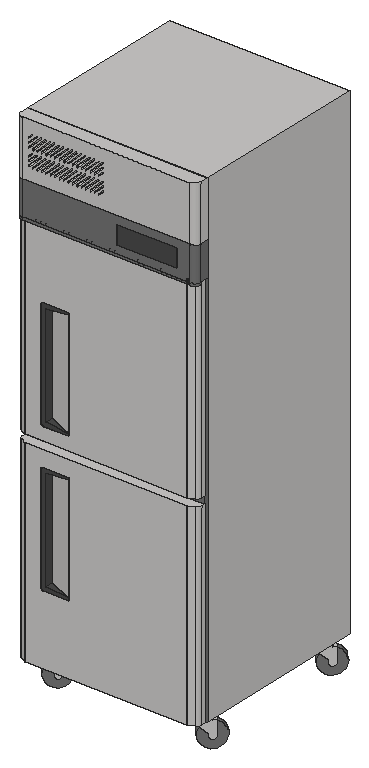
Revit family "QF_Turbo Air_M3R24-2", category Specialty Equipment, Revit 2012
Parameters
  Width = 28 3/4"
  Weight in Pounds = 270
  Watermarked By = "http://revitwatermark.com"
  Volts = 115 V
  URL Cutsheet = ""
  URL = ""
  Status [instance] = ""
  Specification by User [instance] = ""
  Specification by Manufacturer [instance] = ""
  Serial Number [instance] = ""
  Revision Code [instance] = ""
  Phase = 1
  Number of Poles [instance] = 1
  NAFEM Spec ID Number [instance] = ""
  Model = "M3R24-2"
  Masterspec [instance] = ""
  Manufacturer = "Turbo Air"  # constant formula
  Legs [instance] = [6 Inch Legs]  # no
  Item Number [instance] = "-"
  Installed By [instance] = ""
  HP = "1/4"
  Furnished By [instance] = ""
  Foodservice Equipment Identifier = yes
  FL Amps = 5.5 A
  Electrical Remarks [instance] = ""
  Electric Connection Type [instance] = ""
  Elec Conn RI Height [instance] = 0"
  Elec Conn Connection Height = 77 7/8"
  Door Height = 31 3/8"
  Description = "Refrigerator, Reach-In"
  Depth = 30 3/4"
  Cycle = 60 Hz
  Conn Plug = "NEMA 5-15P"
  Casters [instance] = or([4 Inch Casters], [5 Inch Casters])  # yes
  CasterLeg Height [instance] = if([4 Inch Casters], 5", if([5 Inch Casters], 5 3/4", 6"))  # 5"
  Cabinet Height = 78"
  CSI MasterFormat = "11 41 13"
  Assembly Code = "E1090320"
  Apparent Power = if(Phase = 1, Volts * FL Amps * 1.73, Volts * FL Amps)  # 1094.22 VA
  6 Inch Legs [instance] = no
  5 Inch Casters [instance] = no
  4 Inch Casters [instance] = yes
Reference planes (in)
  plane 1 "BACK": y = 0
  plane 2 "BOTTOM": z = 0
  plane 3 "LEFT": x = -21.59155
  plane 4 "RIGHT": x = 7.15845
  plane 5 "FRONT": y = -30.75
  plane 6 "TOP": z = 83
  plane 7 "Bottom of Box": z = 5
  plane 8 "Back of Door": y = -28.5
  plane 9 "Bottom of Top Reach-In": z = 68.625
  plane 10: y = -0.25
  plane 11 "Top 2": z = 74.125
  plane 12: z = 68.25
  plane 13 "Top of Bottom Door": z = 36.375
  plane 14: z = 36.875
  plane 15: x = 2.40845
  plane 16: x = -16.84155
Forms (in)
  Extrusion 1, solid, material "QF_Finishes_Stainless Steel"
    sketch origin (0, 0, 0) x (1, 0, 0) y (0, 0, 1)
      loop
        circle (-17.71449, 70.8727) r 0.25
    from 0 to -0.25
  Extrusion 2, solid, material "QF_Finishes_Stainless Steel"
    sketch origin (0, 0, 0) x (1, 0, 0) y (0, 0, 1)
      loop
        line (-21.59155, 83) -> (-21.59155, 5) -> (7.15845, 5) -> (7.15845, 83) -> (-21.59155, 83)
      loop
        line (-19.59155, 7) -> (5.15845, 7) -> (5.15845, 81) -> (-19.59155, 81) -> (-19.59155, 7)
    from 0 to 28.5
  Extrusion 3, solid, material "QF_Finishes_Stainless Steel"
    sketch origin (0, 0, 0) x (1, 0, 0) y (0, 0, 1)
      loop
        line (-19.59155, 81) -> (-19.59155, 7) -> (5.15845, 7) -> (5.15845, 81) -> (-19.59155, 81)
    from 0 to 0.25
  Extrusion 4, solid, material "QF_Finishes_Stainless Steel"
    sketch origin (0, 0, 83) x (0, 1, 0) y (-1, 0, 0)
      loop
        line (-28.5, 21.59155) -> (-29.75, 21.59155)
        arc (-29.75, 21.59155) -> (-30.45711, 21.29865) -> (-30.75, 20.59155) r 1
        line (-30.75, 20.59155) -> (-30.75, -6.15845)
        arc (-30.75, -6.15845) -> (-30.45711, -6.86556) -> (-29.75, -7.15845) r 1
        line (-29.75, -7.15845) -> (-28.5, -7.15845) -> (-28.5, 21.59155)
    from 0 to -8.875
  Extrusion 5, solid, material "QF_Finishes_Grey"
    sketch origin (0, 0, 74.125) x (-1, 0, 0) y (0, -1, 0)
      loop
        line (21.59155, 28.5) -> (21.59155, 29.75)
        arc (21.59155, 29.75) -> (21.29865, 30.45711) -> (20.59155, 30.75) r 1
        line (20.59155, 30.75) -> (-6.15845, 30.75)
        arc (-6.15845, 30.75) -> (-6.86556, 30.45711) -> (-7.15845, 29.75) r 1
        line (-7.15845, 29.75) -> (-7.15845, 28.5) -> (21.59155, 28.5)
    from 0 to -5.5
  Extrusion 6, void
    sketch origin (0, -28.5, 0) x (1, 0, 0) y (0, 0, 1)
      loop
        line (-5.46655, 72.8125) -> (-5.46655, 69.9375) -> (4.03345, 69.9375) -> (4.03345, 72.8125) -> (-5.46655, 72.8125)
    from 0 to 2.25
  Extrusion 7, solid, material "QF_Finishes_Black"
    sketch origin (0, -28.5, 0) x (1, 0, 0) y (0, 0, 1)
      loop
        line (-5.46655, 72.8125) -> (-5.46655, 69.9375) -> (4.03345, 69.9375) -> (4.03345, 72.8125) -> (-5.46655, 72.8125)
    from 0 to 2.25
  Extrusion 8, void
    sketch origin (0, -28.5, 0) x (1, 0, 0) y (0, 0, 1)
      loop
        arc (-19.56048, 80.53107) -> (-19.55502, 80.35975) -> (-19.3837, 80.35429) r 0.12525
        line (-19.3837, 80.35429) -> (-18.94347, 80.79452)
        arc (-18.94347, 80.79452) -> (-18.95152, 80.96325) -> (-19.12025, 80.97129) r 0.12557
        line (-19.12025, 80.97129) -> (-19.56048, 80.53107)
      loop
        arc (-19.5641, 79.82034) -> (-19.55497, 79.65269) -> (-19.38733, 79.64356) r 0.12574
        line (-19.38733, 79.64356) -> (-18.24395, 80.78694)
        arc (-18.24395, 80.78694) -> (-18.24332, 80.9635) -> (-18.41988, 80.96456) r 0.125
        line (-18.41988, 80.96456) -> (-19.5641, 79.82034)
      loop
        arc (-19.56656, 79.11077) -> (-19.55579, 78.94476) -> (-19.38979, 78.93399) r 0.12606
        line (-19.38979, 78.93399) -> (-17.52426, 80.79952)
        arc (-17.52426, 80.79952) -> (-17.53336, 80.96719) -> (-17.70104, 80.97629) r 0.12574
        line (-17.70104, 80.97629) -> (-19.56656, 79.11077)
      loop
        arc (-18.96014, 79.01009) -> (-18.94768, 78.84576) -> (-18.78336, 78.83331) r 0.12644
        line (-18.78336, 78.83331) -> (-16.82198, 80.7947)
        arc (-16.82198, 80.7947) -> (-16.83187, 80.96158) -> (-16.99875, 80.97147) r 0.12588
        line (-16.99875, 80.97147) -> (-18.96014, 79.01009)
      loop
        arc (-18.25154, 79.01158) -> (-18.24759, 78.83875) -> (-18.07476, 78.83481) r 0.12513
        line (-18.07476, 78.83481) -> (-16.11561, 80.79395)
        arc (-16.11561, 80.79395) -> (-16.12836, 80.95798) -> (-16.29239, 80.97073) r 0.12652
        line (-16.29239, 80.97073) -> (-18.25154, 79.01158)
      loop
        arc (-17.54144, 79.01457) -> (-17.52997, 78.84927) -> (-17.36466, 78.83779) r 0.12621
        line (-17.36466, 78.83779) -> (-15.40203, 80.80043)
        arc (-15.40203, 80.80043) -> (-15.41616, 80.96308) -> (-15.57881, 80.97721) r 0.1269
        line (-15.57881, 80.97721) -> (-17.54144, 79.01457)
      loop
        arc (-16.83033, 79.01858) -> (-16.8182, 78.8418) -> (-16.64143, 78.85392) r 0.12529
        line (-16.64143, 78.85392) -> (-14.69617, 80.79919)
        arc (-14.69617, 80.79919) -> (-14.7091, 80.96303) -> (-14.87294, 80.97596) r 0.12657
        line (-14.87294, 80.97596) -> (-16.83033, 79.01858)
      loop
        arc (-16.12322, 79.01858) -> (-16.11737, 78.84766) -> (-15.94644, 78.8418) r 0.12529
        line (-15.94644, 78.8418) -> (-13.98906, 80.79919)
        arc (-13.98906, 80.79919) -> (-14.00199, 80.96303) -> (-14.16584, 80.97596) r 0.12657
        line (-14.16584, 80.97596) -> (-16.12322, 79.01858)
      loop
        arc (-15.41611, 79.01858) -> (-15.41026, 78.84766) -> (-15.23934, 78.8418) r 0.12529
        line (-15.23934, 78.8418) -> (-13.28195, 80.79919)
        arc (-13.28195, 80.79919) -> (-13.29489, 80.96303) -> (-13.45873, 80.97596) r 0.12657
        line (-13.45873, 80.97596) -> (-15.41611, 79.01858)
      loop
        arc (-14.70901, 79.01858) -> (-14.70315, 78.84766) -> (-14.53223, 78.8418) r 0.12529
        line (-14.53223, 78.8418) -> (-12.57484, 80.79919)
        arc (-12.57484, 80.79919) -> (-12.58778, 80.96303) -> (-12.75162, 80.97596) r 0.12657
        line (-12.75162, 80.97596) -> (-14.70901, 79.01858)
      loop
        arc (-14.0019, 79.01858) -> (-13.99605, 78.84766) -> (-13.82512, 78.8418) r 0.12529
        line (-13.82512, 78.8418) -> (-11.86774, 80.79919)
        arc (-11.86774, 80.79919) -> (-11.88067, 80.96303) -> (-12.04451, 80.97596) r 0.12657
        line (-12.04451, 80.97596) -> (-14.0019, 79.01858)
      loop
        arc (-13.29479, 79.01858) -> (-13.28894, 78.84766) -> (-13.11801, 78.8418) r 0.12529
        line (-13.11801, 78.8418) -> (-11.16063, 80.79919)
        arc (-11.16063, 80.79919) -> (-11.17357, 80.96303) -> (-11.33741, 80.97596) r 0.12657
        line (-11.33741, 80.97596) -> (-13.29479, 79.01858)
      loop
        arc (-12.58768, 79.01858) -> (-12.58183, 78.84766) -> (-12.41091, 78.8418) r 0.12529
        line (-12.41091, 78.8418) -> (-10.45352, 80.79919)
        arc (-10.45352, 80.79919) -> (-10.46646, 80.96303) -> (-10.6303, 80.97596) r 0.12657
        line (-10.6303, 80.97596) -> (-12.58768, 79.01858)
      loop
        arc (-11.88058, 79.01858) -> (-11.87472, 78.84766) -> (-11.7038, 78.8418) r 0.12529
        line (-11.7038, 78.8418) -> (-9.74642, 80.79919)
        arc (-9.74642, 80.79919) -> (-9.75935, 80.96303) -> (-9.92319, 80.97596) r 0.12657
        line (-9.92319, 80.97596) -> (-11.88058, 79.01858)
      loop
        arc (-11.17347, 79.01858) -> (-11.16762, 78.84766) -> (-10.99669, 78.8418) r 0.12529
        line (-10.99669, 78.8418) -> (-9.03931, 80.79919)
        arc (-9.03931, 80.79919) -> (-9.05225, 80.96303) -> (-9.21609, 80.97596) r 0.12657
        line (-9.21609, 80.97596) -> (-11.17347, 79.01858)
      loop
        arc (-10.46636, 79.01858) -> (-10.46051, 78.84766) -> (-10.28959, 78.8418) r 0.12529
        line (-10.28959, 78.8418) -> (-8.3322, 80.79919)
        arc (-8.3322, 80.79919) -> (-8.34514, 80.96303) -> (-8.50898, 80.97596) r 0.12657
        line (-8.50898, 80.97596) -> (-10.46636, 79.01858)
      loop
        arc (-9.75926, 79.01858) -> (-9.7534, 78.84766) -> (-9.58248, 78.8418) r 0.12529
        line (-9.58248, 78.8418) -> (-7.6251, 80.79919)
        arc (-7.6251, 80.79919) -> (-7.63803, 80.96303) -> (-7.80187, 80.97596) r 0.12657
        line (-7.80187, 80.97596) -> (-9.75926, 79.01858)
      loop
        arc (-9.05574, 79.01499) -> (-9.04529, 78.84867) -> (-8.87896, 78.83822) r 0.12599
        line (-8.87896, 78.83822) -> (-7.61765, 80.09953)
        arc (-7.61765, 80.09953) -> (-7.62642, 80.26754) -> (-7.79442, 80.27631) r 0.12568
        line (-7.79442, 80.27631) -> (-9.05574, 79.01499)
      loop
        arc (-8.34863, 79.01499) -> (-8.33818, 78.84867) -> (-8.17185, 78.83822) r 0.12599
        line (-8.17185, 78.83822) -> (-7.61765, 79.39242)
        arc (-7.61765, 79.39242) -> (-7.62642, 79.56043) -> (-7.79442, 79.5692) r 0.12568
        line (-7.79442, 79.5692) -> (-8.34863, 79.01499)
      loop
        arc (-19.56048, 77.84357) -> (-19.55502, 77.67225) -> (-19.3837, 77.66679) r 0.12525
        line (-19.3837, 77.66679) -> (-18.94347, 78.10702)
        arc (-18.94347, 78.10702) -> (-18.95152, 78.27575) -> (-19.12025, 78.28379) r 0.12557
        line (-19.12025, 78.28379) -> (-19.56048, 77.84357)
      loop
        arc (-19.5641, 77.13284) -> (-19.55497, 76.96519) -> (-19.38733, 76.95606) r 0.12574
        line (-19.38733, 76.95606) -> (-18.24395, 78.09944)
        arc (-18.24395, 78.09944) -> (-18.24332, 78.276) -> (-18.41988, 78.27706) r 0.125
        line (-18.41988, 78.27706) -> (-19.5641, 77.13284)
      loop
        arc (-19.56656, 76.42327) -> (-19.55579, 76.25726) -> (-19.38979, 76.24649) r 0.12606
        line (-19.38979, 76.24649) -> (-17.52426, 78.11202)
        arc (-17.52426, 78.11202) -> (-17.53336, 78.27969) -> (-17.70104, 78.28879) r 0.12574
        line (-17.70104, 78.28879) -> (-19.56656, 76.42327)
      loop
        arc (-18.96014, 76.32259) -> (-18.94768, 76.15826) -> (-18.78336, 76.14581) r 0.12644
        line (-18.78336, 76.14581) -> (-16.82198, 78.1072)
        arc (-16.82198, 78.1072) -> (-16.83187, 78.27408) -> (-16.99875, 78.28397) r 0.12588
        line (-16.99875, 78.28397) -> (-18.96014, 76.32259)
      loop
        arc (-18.25154, 76.32408) -> (-18.24759, 76.15125) -> (-18.07476, 76.14731) r 0.12513
        line (-18.07476, 76.14731) -> (-16.11561, 78.10645)
        arc (-16.11561, 78.10645) -> (-16.12836, 78.27048) -> (-16.29239, 78.28323) r 0.12652
        line (-16.29239, 78.28323) -> (-18.25154, 76.32408)
      loop
        arc (-17.54144, 76.32707) -> (-17.52997, 76.16177) -> (-17.36466, 76.15029) r 0.12621
        line (-17.36466, 76.15029) -> (-15.40203, 78.11293)
        arc (-15.40203, 78.11293) -> (-15.41616, 78.27558) -> (-15.57881, 78.28971) r 0.1269
        line (-15.57881, 78.28971) -> (-17.54144, 76.32707)
      loop
        arc (-16.83033, 76.33108) -> (-16.8182, 76.1543) -> (-16.64143, 76.16642) r 0.12529
        line (-16.64143, 76.16642) -> (-14.69617, 78.11169)
        arc (-14.69617, 78.11169) -> (-14.7091, 78.27553) -> (-14.87294, 78.28846) r 0.12657
        line (-14.87294, 78.28846) -> (-16.83033, 76.33108)
      loop
        arc (-16.12322, 76.33108) -> (-16.11737, 76.16016) -> (-15.94644, 76.1543) r 0.12529
        line (-15.94644, 76.1543) -> (-13.98906, 78.11169)
        arc (-13.98906, 78.11169) -> (-14.00199, 78.27553) -> (-14.16584, 78.28846) r 0.12657
        line (-14.16584, 78.28846) -> (-16.12322, 76.33108)
      loop
        arc (-15.41611, 76.33108) -> (-15.41026, 76.16016) -> (-15.23934, 76.1543) r 0.12529
        line (-15.23934, 76.1543) -> (-13.28195, 78.11169)
        arc (-13.28195, 78.11169) -> (-13.29489, 78.27553) -> (-13.45873, 78.28846) r 0.12657
        line (-13.45873, 78.28846) -> (-15.41611, 76.33108)
      loop
        arc (-14.70901, 76.33108) -> (-14.70315, 76.16016) -> (-14.53223, 76.1543) r 0.12529
        line (-14.53223, 76.1543) -> (-12.57484, 78.11169)
        arc (-12.57484, 78.11169) -> (-12.58778, 78.27553) -> (-12.75162, 78.28846) r 0.12657
        line (-12.75162, 78.28846) -> (-14.70901, 76.33108)
      loop
        arc (-14.0019, 76.33108) -> (-13.99605, 76.16016) -> (-13.82512, 76.1543) r 0.12529
        line (-13.82512, 76.1543) -> (-11.86774, 78.11169)
        arc (-11.86774, 78.11169) -> (-11.88067, 78.27553) -> (-12.04451, 78.28846) r 0.12657
        line (-12.04451, 78.28846) -> (-14.0019, 76.33108)
      loop
        arc (-13.29479, 76.33108) -> (-13.28894, 76.16016) -> (-13.11801, 76.1543) r 0.12529
        line (-13.11801, 76.1543) -> (-11.16063, 78.11169)
        arc (-11.16063, 78.11169) -> (-11.17357, 78.27553) -> (-11.33741, 78.28846) r 0.12657
        line (-11.33741, 78.28846) -> (-13.29479, 76.33108)
      loop
        arc (-12.58768, 76.33108) -> (-12.58183, 76.16016) -> (-12.41091, 76.1543) r 0.12529
        line (-12.41091, 76.1543) -> (-10.45352, 78.11169)
        arc (-10.45352, 78.11169) -> (-10.46646, 78.27553) -> (-10.6303, 78.28846) r 0.12657
        line (-10.6303, 78.28846) -> (-12.58768, 76.33108)
      loop
        arc (-11.88058, 76.33108) -> (-11.87472, 76.16016) -> (-11.7038, 76.1543) r 0.12529
        line (-11.7038, 76.1543) -> (-9.74642, 78.11169)
        arc (-9.74642, 78.11169) -> (-9.75935, 78.27553) -> (-9.92319, 78.28846) r 0.12657
        line (-9.92319, 78.28846) -> (-11.88058, 76.33108)
      loop
        arc (-11.17347, 76.33108) -> (-11.16762, 76.16016) -> (-10.99669, 76.1543) r 0.12529
        line (-10.99669, 76.1543) -> (-9.03931, 78.11169)
        arc (-9.03931, 78.11169) -> (-9.05225, 78.27553) -> (-9.21609, 78.28846) r 0.12657
        line (-9.21609, 78.28846) -> (-11.17347, 76.33108)
      loop
        arc (-10.46636, 76.33108) -> (-10.46051, 76.16016) -> (-10.28959, 76.1543) r 0.12529
        line (-10.28959, 76.1543) -> (-8.3322, 78.11169)
        arc (-8.3322, 78.11169) -> (-8.34514, 78.27553) -> (-8.50898, 78.28846) r 0.12657
        line (-8.50898, 78.28846) -> (-10.46636, 76.33108)
      loop
        arc (-9.75926, 76.33108) -> (-9.7534, 76.16016) -> (-9.58248, 76.1543) r 0.12529
        line (-9.58248, 76.1543) -> (-7.6251, 78.11169)
        arc (-7.6251, 78.11169) -> (-7.63803, 78.27553) -> (-7.80187, 78.28846) r 0.12657
        line (-7.80187, 78.28846) -> (-9.75926, 76.33108)
      loop
        arc (-9.05574, 76.32749) -> (-9.04529, 76.16117) -> (-8.87896, 76.15072) r 0.12599
        line (-8.87896, 76.15072) -> (-7.61765, 77.41203)
        arc (-7.61765, 77.41203) -> (-7.62642, 77.58004) -> (-7.79442, 77.58881) r 0.12568
        line (-7.79442, 77.58881) -> (-9.05574, 76.32749)
      loop
        arc (-8.34863, 76.32749) -> (-8.33818, 76.16117) -> (-8.17185, 76.15072) r 0.12599
        line (-8.17185, 76.15072) -> (-7.61765, 76.70492)
        arc (-7.61765, 76.70492) -> (-7.62642, 76.87293) -> (-7.79442, 76.8817) r 0.12568
        line (-7.79442, 76.8817) -> (-8.34863, 76.32749)
    from 0 to 2.25
  Extrusion 9, solid, material "QF_Finishes_Rubber Black"
    sketch origin (0, -28.5, 0) x (1, 0, 0) y (0, 0, 1)
      loop
        line (-21.59155, 68.25) -> (-21.59155, 5) -> (7.15845, 5) -> (7.15845, 68.25) -> (-21.59155, 68.25)
    from 0 to 0.4375
  Extrusion 10, solid, material "QF_Finishes_Rubber Black"
    sketch origin (0, 0, 68.625) x (0, 1, 0) y (-1, 0, 0)
      loop
        line (-28.5, 21.59155) -> (-29.75, 21.59155)
        arc (-29.75, 21.59155) -> (-30.45711, 21.29865) -> (-30.75, 20.59155) r 1
        line (-30.75, 20.59155) -> (-30.75, -6.15845)
        arc (-30.75, -6.15845) -> (-30.45711, -6.86556) -> (-29.75, -7.15845) r 1
        line (-29.75, -7.15845) -> (-28.5, -7.15845) -> (-28.5, 21.59155)
    from 0 to -0.375
  Extrusion 11, solid, material "QF_Finishes_Polished Steel"
    sketch origin (-21.59155, -0.75, 0) x (0, 1, 0) y (0, 0, 1)
      loop
        line (0.75, 69.98017) -> (0.75, 53.73017) -> (2.75, 55.48017) -> (2.75, 68.23017) -> (0.75, 69.98017)
    from 4.75 to 24
Cuts and joins
  joined: Extrusion 2, Extrusion 3
  Extrusion 6 cuts Extrusion 5
  Extrusion 8 cuts Extrusion 4
  joined: Extrusion 9, Extrusion 10
Lines and regions (in)
  symbolic lines
    curve 1: line (7.15845, 0, 6.25) -> (-21.59155, 0, 6.25)
    curve 2: line (-21.59155, 0, 6.25) -> (-21.59155, -28.5, 6.25)
    curve 3: line (7.15845, -28.5, 6.25) -> (7.15845, 0, 6.25)
    curve 4: line (7.15845, -29.75, 6.25) -> (7.15845, -28.5, 6.25)
    curve 5: arc (7.15845, -29.75, 6.25) -> (6.86556, -30.45711, 6.25) -> (6.15845, -30.75, 6.25) r 1
    curve 6: line (-20.59155, -30.75, 6.25) -> (6.15845, -30.75, 6.25)
    curve 7: arc (-20.59155, -30.75, 6.25) -> (-21.29865, -30.45711, 6.25) -> (-21.59155, -29.75, 6.25) r 1
    curve 8: line (-21.59155, -28.5, 6.25) -> (-21.59155, -29.75, 6.25)
    curve 13: line (-16.84155, 0, 62.75) -> (-16.84155, 2, 62.75)
    curve 14: line (-16.84155, 2, 62.75) -> (2.40845, 2, 62.75)
    curve 15: line (2.40845, 2, 62.75) -> (2.40845, 0, 62.75)
  symbolic lines, style "QF_Surface Details"
    curve 9: line (-21.59155, -28.5, 6.25) -> (7.15845, -28.5, 6.25)
  symbolic lines, style "QF_Clearances", detail levels coarse
    curve 10: line (7.15845, -30.75, 68.625) -> (7.15845, -54.25, 68.625)
    curve 12: arc (-21.59155, -30.75, 68.625) -> (-12.60492, -49.09215, 68.625) -> (7.15845, -54.25, 68.625) r 24.5
  symbolic lines, style "QF_Clearances", detail levels medium+fine
    curve 11: line (7.15845, -30.75, 68.625) -> (-21.59155, -30.75, 68.625)
Dimensions and locks (in)
  "Width": plane 4 "RIGHT" to plane 3 "LEFT"
  "Depth": plane 5 "FRONT" to plane 1 "BACK"
  "CasterLeg Height": plane 7 "Bottom of Box" to level
  locked: plane 3 "LEFT" to nested 1 at 2
  locked: nested 1 to plane 1 "BACK" at 3
  locked: nested 2 to plane 4 "RIGHT" at 2
  locked: nested 2 to plane 1 "BACK" at 3
  locked: plane 3 "LEFT" to nested 3 at 2
  locked: nested 4 to plane 4 "RIGHT" at 2
  "Cabinet Height": plane 6 "TOP" to plane 7 "Bottom of Box"
  locked: plane 1 "BACK" to plane 10 at 0.25
  locked: Extrusion 2 sketch curve to Extrusion 2 sketch curve at 2  (x4)
  locked: plane 5 "FRONT" to nested 3 at 3.75
  locked: plane 5 "FRONT" to nested 4 at 3.75
  locked: Extrusion 6 sketch curve to plane 4 "RIGHT" at 3.125
  locked: Extrusion 6 sketch curve to Extrusion 6 sketch curve at 9.5
  locked: Extrusion 7 sketch curve to plane 4 "RIGHT" at 3.125
  locked: Extrusion 7 sketch curve to Extrusion 7 sketch curve at 9.5
  locked: plane 11 "Top 2" to Extrusion 7 sketch curve at 1.3125
  locked: Extrusion 7 sketch curve to plane 9 "Bottom of Top Reach-In" at 1.3125
  locked: plane 11 "Top 2" to Extrusion 6 sketch curve at 1.3125
  locked: Extrusion 6 sketch curve to plane 9 "Bottom of Top Reach-In" at 1.3125
  locked: plane 6 "TOP" to plane 11 "Top 2" at 8.875
  plane 8 "Back of Door" to plane 10 = 28 1/4"
  locked: plane 9 "Bottom of Top Reach-In" to plane 12 at 0.375
  locked: plane 14 to plane 13 "Top of Bottom Door" at 0.5
  "Door Height": plane 12 to plane 14
  "Door Height": plane 13 "Top of Bottom Door" to plane 7 "Bottom of Box"
  locked: plane 3 "LEFT" to plane 16 at 4.75
  locked: plane 15 to plane 4 "RIGHT" at 4.75
  aligned and locked: level to plane 2 "BOTTOM"
  aligned and locked: Extrusion 2 sketch curve to plane 4 "RIGHT"
  aligned and locked: plane 10 to Extrusion 3
  aligned and locked: plane 8 "Back of Door" to Extrusion 2
  aligned and locked: Extrusion 3 sketch curve to Extrusion 2  (x2)
  aligned and locked: Extrusion 2 to Extrusion 3 sketch curve
  aligned and locked: Extrusion 4 sketch curve to curve 9
  aligned and locked: Extrusion 4 sketch curve to curve 2
  aligned and locked: Extrusion 4 sketch curve to plane 5 "FRONT"
  aligned and locked: Extrusion 4 sketch curve to plane 4 "RIGHT"
  aligned and locked: Extrusion 5 sketch curve to curve 9
  aligned and locked: Extrusion 5 sketch curve to curve 2
  aligned and locked: Extrusion 5 sketch curve to plane 5 "FRONT"
  aligned and locked: Extrusion 5 sketch curve to plane 4 "RIGHT"
  aligned and locked: Extrusion 5 to plane 9 "Bottom of Top Reach-In"
  aligned and locked: plane 5 "FRONT" to Extrusion 6
  aligned and locked: plane 5 "FRONT" to Extrusion 7
  aligned and locked: plane 7 "Bottom of Box" to Extrusion 2 sketch curve
  aligned and locked: Extrusion 3 sketch curve to cut or joined group of Extrusion 2, Extrusion 3
  aligned and locked: Extrusion 4 to plane 11 "Top 2"
  aligned and locked: plane 5 "FRONT" to Extrusion 8
  aligned and locked: Extrusion 9 sketch curve to cut or joined group of Extrusion 2, Extrusion 3
  aligned and locked: Extrusion 9 sketch curve to plane 12
  aligned and locked: Extrusion 10 sketch curve to curve 9
  aligned and locked: Extrusion 10 sketch curve to curve 2
  aligned and locked: Extrusion 10 to plane 12
  aligned and locked: curve 10 to plane 4 "RIGHT"
  aligned and locked: nested 5 to plane 7 "Bottom of Box"
  aligned and locked: plane 15 to Extrusion 11
  aligned and locked: curve 15 to plane 15
  aligned and locked: Extrusion 11 to plane 16
Automatic sketch dimensions
  plane 8 "Back of Door" to curve 9 = 0"
  plane 3 "LEFT" to curve 7 = 1"
  curve 4 to plane 5 "FRONT" = 1"
  plane 3 "LEFT" to Extrusion 1 sketch curve = 3.87706"
  plane 9 "Bottom of Top Reach-In" to Extrusion 1 sketch curve = 2.2477"
  plane 1 "BACK" to curve 2 = 0"
  plane 5 "FRONT" to curve 7 = 0"
  curve 8 to plane 3 "LEFT" = 0"
  curve 1 to plane 4 "RIGHT" = 0"
  Extrusion 2 sketch curve to plane 3 "LEFT" = 0"
  Extrusion 4 sketch curve to plane 5 "FRONT" = 1"  (x2)
  plane 3 "LEFT" to Extrusion 5 sketch curve = 1"
  Extrusion 5 sketch curve to plane 4 "RIGHT" = 1"
  Extrusion 2 sketch curve to plane 6 "TOP" = 0"
  Extrusion 8 sketch curve to Extrusion 8 sketch curve = 0"  (x26)
  Extrusion 8 sketch curve to Extrusion 8 sketch curve = 0.00246"  (x2)
  Extrusion 8 sketch curve to Extrusion 8 sketch curve = 0.00362"  (x2)
  Extrusion 8 sketch curve to Extrusion 8 sketch curve = 0.0999"  (x4)
  Extrusion 8 sketch curve to Extrusion 8 sketch curve = 0.09403"  (x4)
  Extrusion 8 sketch curve to Extrusion 8 sketch curve = 0.09804"  (x4)
  Extrusion 8 sketch curve to Extrusion 8 sketch curve = 0.07687"  (x2)
  Extrusion 8 sketch curve to Extrusion 8 sketch curve = 0.07873"  (x2)
  Extrusion 8 sketch curve to Extrusion 8 sketch curve = 0.08275"  (x2)
  Extrusion 8 sketch curve to Extrusion 8 sketch curve = 0.44023"  (x4)
  Extrusion 8 sketch curve to Extrusion 8 sketch curve = 0.07994"  (x4)
  Extrusion 8 sketch curve to Extrusion 8 sketch curve = 0.42965"  (x2)
  Extrusion 8 sketch curve to Extrusion 8 sketch curve = 0.09684"  (x2)
  Extrusion 8 sketch curve to Extrusion 8 sketch curve = 0.10186"  (x4)
  Extrusion 8 sketch curve to Extrusion 8 sketch curve = 0.07491"  (x2)
  Extrusion 8 sketch curve to Extrusion 8 sketch curve = 0.5236"  (x2)
  Extrusion 8 sketch curve to Extrusion 8 sketch curve = 0.08775"  (x2)
  Extrusion 8 sketch curve to Extrusion 8 sketch curve = 0.53182"  (x2)
  Extrusion 8 sketch curve to Extrusion 8 sketch curve = 0.08818"  (x2)
  Extrusion 8 sketch curve to Extrusion 8 sketch curve = 0.09243"  (x4)
  Extrusion 8 sketch curve to Extrusion 8 sketch curve = 0.08435"  (x2)
  Extrusion 8 sketch curve to Extrusion 8 sketch curve = 0.54291"  (x2)
  Extrusion 8 sketch curve to Extrusion 8 sketch curve = 0.07876"  (x4)
  Extrusion 8 sketch curve to Extrusion 8 sketch curve = 0.53332"  (x2)
  Extrusion 8 sketch curve to Extrusion 8 sketch curve = 0.09801"  (x2)
  Extrusion 8 sketch curve to Extrusion 8 sketch curve = 0.10072"  (x4)
  Extrusion 8 sketch curve to Extrusion 8 sketch curve = 0.07606"  (x2)
  Extrusion 8 sketch curve to Extrusion 8 sketch curve = 0.52551"  (x2)
  Extrusion 8 sketch curve to Extrusion 8 sketch curve = 0.07787"  (x4)
  Extrusion 8 sketch curve to Extrusion 8 sketch curve = 0.53434"  (x2)
  Extrusion 8 sketch curve to Extrusion 8 sketch curve = 0.09891"  (x2)
  Extrusion 8 sketch curve to Extrusion 8 sketch curve = 0.09445"  (x44)
  Extrusion 8 sketch curve to Extrusion 8 sketch curve = 0.52958"  (x2)
  Extrusion 8 sketch curve to Extrusion 8 sketch curve = 0.07457"  (x4)
  Extrusion 8 sketch curve to Extrusion 8 sketch curve = 0.51821"  (x2)
  Extrusion 8 sketch curve to Extrusion 8 sketch curve = 0.10221"  (x2)
  Extrusion 8 sketch curve to Extrusion 8 sketch curve = 0.08233"  (x22)
  Extrusion 8 sketch curve to Extrusion 8 sketch curve = 0.53681"  (x2)
  Extrusion 8 sketch curve to Extrusion 8 sketch curve = 0.07291"  (x4)
  Extrusion 8 sketch curve to Extrusion 8 sketch curve = 0.53033"  (x42)
  Extrusion 8 sketch curve to Extrusion 8 sketch curve = 0.10386"  (x2)
  Extrusion 8 sketch curve to Extrusion 8 sketch curve = 0.52909"  (x2)
  Extrusion 8 sketch curve to Extrusion 8 sketch curve = 0.07434"  (x44)
  Extrusion 8 sketch curve to Extrusion 8 sketch curve = 0.10243"  (x22)
  Extrusion 8 sketch curve to Extrusion 8 sketch curve = 0.52674"  (x2)
  Extrusion 8 sketch curve to Extrusion 8 sketch curve = 0.09954"  (x8)
  Extrusion 8 sketch curve to Extrusion 8 sketch curve = 0.07724"  (x4)
  Extrusion 8 sketch curve to Extrusion 8 sketch curve = 0.45467"  (x3)
  Extrusion 8 sketch curve to Extrusion 8 sketch curve = 0.00745"  (x2)
  Extrusion 8 sketch curve to Extrusion 8 sketch curve = 0.07914"  (x8)
  Extrusion 8 sketch curve to Extrusion 8 sketch curve = 25/256"  (x4)
  Extrusion 8 sketch curve to Extrusion 8 sketch curve = 0.00149"
  Extrusion 8 sketch curve to Extrusion 8 sketch curve = 0.00299"
  Extrusion 8 sketch curve to Extrusion 8 sketch curve = 0.00042"
  Extrusion 8 sketch curve to Extrusion 8 sketch curve = 0.00359"  (x2)
  Extrusion 8 sketch curve to Extrusion 8 sketch curve = 0.01212"
  Extrusion 8 sketch curve to Extrusion 8 sketch curve = 0.10068"  (x2)
  Extrusion 8 sketch curve to Extrusion 8 sketch curve = 0.53279"  (x2)
  Extrusion 8 sketch curve to Extrusion 8 sketch curve = 0.53395"  (x2)
  Extrusion 8 sketch curve to Extrusion 8 sketch curve = 0.43265"  (x2)
  Extrusion 8 sketch curve to Extrusion 8 sketch curve = 1.77537"  (x2)
  Extrusion 8 sketch curve to Extrusion 8 sketch curve = 0.00075"  (x2)
  Extrusion 8 sketch curve to Extrusion 8 sketch curve = 1.78061"  (x4)
  Extrusion 8 sketch curve to Extrusion 8 sketch curve = 0.52288"  (x3)
  Extrusion 8 sketch curve to Extrusion 8 sketch curve = 0.00482"  (x2)
  Extrusion 8 sketch curve to Extrusion 8 sketch curve = 0.00124"  (x2)
  Extrusion 8 sketch curve to Extrusion 8 sketch curve = 0.0886"  (x2)
  Extrusion 8 sketch curve to Extrusion 8 sketch curve = 0.54952"
  Extrusion 8 sketch curve to Extrusion 8 sketch curve = 0.55775"
  Extrusion 8 sketch curve to Extrusion 8 sketch curve = 0.549"
  Extrusion 8 sketch curve to Extrusion 8 sketch curve = 0.54975"  (x2)
  Extrusion 8 sketch curve to Extrusion 8 sketch curve = 0.55334"  (x8)
  Extrusion 8 sketch curve to Extrusion 8 sketch curve = 143/256"
  Extrusion 8 sketch curve to Extrusion 8 sketch curve = 0.5521"
  Extrusion 8 sketch curve to Extrusion 8 sketch curve = 0.5707"
  plane 3 "LEFT" to Extrusion 8 sketch curve = 2.02498"
  plane 11 "Top 2" to Extrusion 8 sketch curve = 2.02081"
  Extrusion 9 sketch curve to plane 7 "Bottom of Box" = 0"
  Extrusion 10 sketch curve to plane 5 "FRONT" = 1"  (x2)
  curve 11 to plane 3 "LEFT" = 0"
  plane 5 "FRONT" to curve 12 = 0"
  curve 12 to plane 5 "FRONT" = 0.62715"
  curve 12 to curve 12 = 24.12715"
  Extrusion 9 sketch curve to plane 3 "LEFT" = 0"
  plane 5 "FRONT" to Extrusion 10 sketch curve = 0"
  Extrusion 10 sketch curve to plane 4 "RIGHT" = 0"
  plane 1 "BACK" to curve 15 = 0"
  plane 1 "BACK" to curve 13 = 0"
  curve 14 to plane 16 = 0"
  curve 14 to plane 1 "BACK" = 2"
  Extrusion 11 sketch curve to plane 1 "BACK" = 0"
  Extrusion 11 sketch curve to plane 1 "BACK" = 2"
  Extrusion 11 sketch curve to plane 12 = 14.51983"
  Extrusion 11 sketch curve to Extrusion 11 sketch curve = 1 3/4"
  Extrusion 11 sketch curve to plane 12 = 0.01983"
  plane 9 "Bottom of Top Reach-In" to Extrusion 11 sketch curve = 1.35517"
  radius of Extrusion 1 sketch curve = 1/4"
Nested families (in)
  nested 1: "FESCasterLeg" at (-19.59155, -3, 0), Height <- "CasterLeg Height", Legs <- "Legs", Casters <- "Casters", type "FESCasterLeg"
    with Legs no, Height 5", Casters yes, Caster Radius 2"
  nested 2: "FESCasterLeg" at (5.15845, -3, 0), Height <- "CasterLeg Height", Legs <- "Legs", Casters <- "Casters", type "FESCasterLeg"
    with Legs no, Height 5", Casters yes, Caster Radius 2"
  nested 3: "FESCasterLeg" at (-19.59155, -27, 0), Height <- "CasterLeg Height", Legs <- "Legs", Casters <- "Casters", type "FESCasterLeg"
    with Legs no, Height 5", Casters yes, Caster Radius 2"
  nested 4: "FESCasterLeg" at (5.15845, -27, 0), Height <- "CasterLeg Height", Legs <- "Legs", Casters <- "Casters", type "FESCasterLeg"
    with Legs no, Height 5", Casters yes, Caster Radius 2"
  nested 5: "QF_Turbo Air_RI_M3-Door" at (-6.41488, -28.9375, 5), Height <- "Door Height", Width <- "Width", type "QF_Turbo Air_RI_M3-Door"
    with Width 28 3/4", Symbolic Lines yes, Height 31 3/8", Handle Height 17 11/16", Handle Center Height 20", Depth 1 13/16"
  nested 6: "QF_Turbo Air_RI_M3-Door" at (-6.41488, -28.9375, 37.625), Height <- "Door Height", Width <- "Width", type "QF_Turbo Air_RI_M3-Door"
    with Width 28 3/4", Symbolic Lines yes, Height 31 3/8", Handle Height 17 11/16", Handle Center Height 11", Depth 1 13/16"
Connectors (in)
  electrical at (-17.71449, 0.25, 70.8727), driven by "Number of Poles", driven by "Volts", driven by "Apparent Power"
    settings: on Extrusion 1, index 1, voltage 115 V, apparent load 1094.22 VA, apparent load phase1 0 VA, apparent load phase2 0 VA, apparent load phase3 0 VA, power factor 1, load classification "Other", number of poles 1, system type 30, power factor state 1, is connector primary yes, connector utility no, sub classification motor no, connector description "ELECTRIC"
Definition of nested family "FESCasterLeg"
  Parameters (values of type "FESCasterLeg")
    Watermarked By = "http://revitwatermark.com"
    Type Comments = "⍁⍉⌁⌀⏭⎽⌇⍠⌜⍉⎖⌥⌦⌯⍭⏊⍻⍿⍊⏵⍊⏗⏠⍴⎡⌈⎀⍠⌓⌤⏘⎐⍀⌐⏬⏁⎈⏍⏦⎒⏬⌝⍩⍇⌣〈⎫〉⎁⏊⍥⍖⍥⍝⍦⌖⍀⏌⏭⎝⎼⏷⏞⍻⏯⎽⏷⏞⍻⏯⎽⏷⎺⌻⎝⍎⌧⏷⏟⏿⌿⍜⍦⍤⌁⍬⏶⏎⍊⏚⏉⎞⌡⎀⎪⏈⌟⌿⍾⍼⌟⌿⌢⌞⏜⏝⎽⍷⍷⍯⍧⍷⌯⍽⏸⏨⏾⏎⌣⏺⍹⏼⏅⎏⌽⎫⎪⍙⎓⏗⎗⏅⌴⍏⍏⍿⏑⎺⍘⌭⏲⍥⎛⎾⎾⍞⍌⎪⎲⌙⎥⏏⎟⎟⏼⏘⎏⎝⏧⏍⏁⍏⍧⏯⏾⌟"
    Legs [instance] = yes
    Height [instance] = 6"
    Caster Radius [instance] = if(Height < 3", 1", (Height / 2) - 1/2")  # 2 1/2"
    Casters [instance] = yes
    Assembly Code = ""
  Reference planes (in)
    plane 1 "Center (Front/Back)": y = 0
    plane 2: z = 0
    plane 3 "Center (Left/Right)": x = 0
    plane 4: z = 6
    plane 5: z = 5.5
  Forms (in)
    Extrusion 1, solid, material "QF_Finishes_Stainless Steel", visible <- "Casters"
      sketch origin (-24.12131, -22.88887, 10.18833) x (0.707107, 0.707107, 0) y (0, 0, 1)
        loop
          line (34.98772, -7.68833) -> (34.98772, -4.93833) -> (34.48772, -4.93833) -> (34.39402, -4.68833) -> (32.39402, -4.68833) -> (32.39402, -5.43833) -> (33.98772, -7.34206) -> (33.98772, -7.68833)
          arc (33.98772, -7.68833) -> (34.48772, -8.18833) -> (34.98772, -7.68833) r 0.5
      from 0 to 1.75
    Extrusion 2, solid, material "QF_Finishes_Rubber Black", visible <- "Casters"
      sketch origin (-24.32327, -23.09083, 13.31461) x (0.707107, 0.707107, 0) y (0, 0, 1)
        loop
          circle (34.77334, -10.81461) r 2.5
      from 0.375 to 1.375
    Extrusion 3, solid, material "QF_Finishes_Stainless Steel", visible <- "Casters"
      sketch origin (-7.24148, -8.48391, 0) x (0.707107, 0.707107, 0) y (0, 0, 1)
        loop
          line (10.61603, 5.5) -> (11.61603, 5.5) -> (11.61603, 6) -> (10.61603, 6) -> (10.61603, 5.5)
      from 0 to -1.75
    Blend 4, solid, material "QF_Finishes_Stainless Steel", visible <- "Legs"
      base sketch origin (0, 0, 0) x (1, 0, 0) y (0, 1, 0)
        loop
          circle (0, 0) r 0.5
      top sketch origin (0, 0, 0) x (1, 0, 0) y (0, 1, 0)
        loop
          circle (0, 0) r 1
      from 0 to 6 <- "Height"
  Lines and regions (in)
    symbolic lines, style "QF_Hidden Details", visible <- "Casters", built-in parameter 1006206 <- "Casters"
      curve 1: line (-1.26158, -0.51911, 0) -> (1.39007, 2.13254, 0)
      curve 2: line (-0.53429, -1.24639, 0) -> (2.11736, 1.40526, 0)
    symbolic lines, style "QF_Hidden Details", built-in parameter 1006206 <- "Casters", visible <- "Casters"
      curve 3: line (-1.26158, -0.51911, 0) -> (1.39007, 2.13254, 0)
      curve 4: line (-0.53429, -1.24639, 0) -> (2.11736, 1.40526, 0)
  Dimensions and locks (in)
    locked: plane 4 to plane 5 at 0.5
    "Height": plane 4 to level
    "Caster Radius": Extrusion 2 sketch curve to level
    "Caster Radius": Extrusion 1 sketch curve to level
    "Caster Radius": radius of Extrusion 2 sketch curve
    aligned and locked: plane 2 to level
    aligned: Blend 4 to Extrusion 3
    aligned and locked: plane 4 to Blend 4
    aligned and locked: Extrusion 3 to plane 5
    aligned and locked: plane 4 to Extrusion 3
    aligned and locked: plane 5 to Extrusion 1
  Automatic sketch dimensions
    plane 1 "Center (Front/Back)" to curve 3 = 0.51911"
    curve 3 to plane 3 "Center (Left/Right)" = 1.26158"
    plane 1 "Center (Front/Back)" to curve 1 = 0.51911"
    curve 1 to curve 3 = 0"  (x3)
    curve 4 to plane 3 "Center (Left/Right)" = 0.53429"
    curve 2 to curve 4 = 0"  (x2)
    plane 3 "Center (Left/Right)" to curve 3 = 1.39007"
    curve 1 to curve 4 = 0.72729"
    curve 2 to curve 1 = 0.72729"
    curve 4 to curve 2 = 0"  (x2)
    curve 2 to plane 1 "Center (Front/Back)" = 1.40526"
    curve 2 to curve 3 = 0.72729"
    plane 5 to Extrusion 1 sketch curve = 0"
    Extrusion 1 sketch curve to Extrusion 1 sketch curve = 1.5937"
    Extrusion 1 sketch curve to Extrusion 1 sketch curve = 2"
    Extrusion 1 sketch curve to Extrusion 1 sketch curve = 0.0937"
    Extrusion 1 sketch curve to Extrusion 1 sketch curve = 1/2"
    Extrusion 1 sketch curve to Extrusion 1 sketch curve = 0.34627"
    Extrusion 1 sketch curve to plane 5 = 3/4"
    Extrusion 1 sketch curve to plane 5 = 1/4"
    Extrusion 3 sketch curve to plane 5 = 0"
    plane 4 to Extrusion 3 sketch curve = 0"
    Extrusion 3 sketch curve to Extrusion 3 sketch curve = 1"
    plane 1 "Center (Front/Back)" to Blend 4 sketch curve = 0"  (x2)
    Blend 4 sketch curve to plane 3 "Center (Left/Right)" = 0"  (x2)
    radius of Blend 4 sketch curve = 1/2"
    radius of Blend 4 sketch curve = 1"
Definition of nested family "QF_Turbo Air_RI_M3-Door"
  Parameters (values of type "QF_Turbo Air_RI_M3-Door")
    Width [instance] = 28 3/4"
    Watermarked By = "http://revitwatermark.com"
    Symbolic Lines [instance] = yes
    Manufacturer = "Turbo Air"  # constant formula
    Height [instance] = 63 1/4"
    Handle Height [instance] = 17 11/16"
    Handle Center Height [instance] = 34 13/16"
    Depth [instance] = 1 13/16"
  Reference planes (in)
    plane 1 "BACK": y = 0
    plane 2: z = 0
    plane 3 "LEFT": x = -15.17667
    plane 4: x = 13.57333
    plane 5 "FRONT": y = -1.8125
    plane 6: z = 63.25
    plane 7 "Top of Handle": z = 43.65625
    plane 8 "Bottom of Handle": z = 25.96875
    plane 9 "Center of Handle": z = 34.8125
    plane 10 "Left of Handle": x = -11.36417
    plane 11 "Right of Handle": x = -6.86417
  Forms (in)
    Extrusion 1, solid, material "QF_Finishes_Stainless Steel"
      sketch origin (0, 0, 0) x (1, 0, 0) y (0, 0, 1)
        loop
          line (-15.17667, 63.25) -> (-15.17667, 0) -> (13.57333, 0) -> (13.57333, 63.25) -> (-15.17667, 63.25)
        loop
          arc (-10.80167, 43.65625) -> (-11.19941, 43.4915) -> (-11.36417, 43.09375) r 0.5625
          line (-11.36417, 43.09375) -> (-11.36417, 26.53125)
          arc (-11.36417, 26.53125) -> (-11.19941, 26.1335) -> (-10.80167, 25.96875) r 0.5625
          line (-10.80167, 25.96875) -> (-6.86417, 25.96875) -> (-6.86417, 43.65625) -> (-10.80167, 43.65625)
      from 0 to 1.8125
    Extrusion 2, void
      sketch origin (0, 0, 0) x (1, 0, 0) y (0, 1, 0)
        loop
          line (-15.17667, -1.8125) -> (-13.7574, -1.8125)
          arc (-13.7574, -1.8125) -> (-13.80048, -1.80748) -> (-13.84126, -1.79271) r 0.1875
          line (-13.84126, -1.79271) -> (-14.72753, -1.34957)
          arc (-14.72753, -1.34957) -> (-15.05532, -1.05) -> (-15.17667, -0.62285) r 0.8125
          line (-15.17667, -0.62285) -> (-15.17667, -1.8125)
        loop
          line (13.57333, -1.8125) -> (13.57333, -0.62285)
          arc (13.57333, -0.62285) -> (13.45199, -1.05) -> (13.12419, -1.34957) r 0.8125
          line (13.12419, -1.34957) -> (12.23792, -1.79271)
          arc (12.23792, -1.79271) -> (12.19715, -1.80748) -> (12.15407, -1.8125) r 0.1875
          line (12.15407, -1.8125) -> (13.57333, -1.8125)
      from 0 to 63.25
    Extrusion 3, solid, material "QF_Finishes_Black"
      sketch origin (0, 0, 0) x (1, 0, 0) y (0, 0, 1)
        loop
          arc (-10.80167, 43.65625) -> (-11.19941, 43.4915) -> (-11.36417, 43.09375) r 0.5625
          line (-11.36417, 43.09375) -> (-11.36417, 26.53125)
          arc (-11.36417, 26.53125) -> (-11.19941, 26.1335) -> (-10.80167, 25.96875) r 0.5625
          line (-10.80167, 25.96875) -> (-6.86417, 25.96875) -> (-6.86417, 26.34375) -> (-10.55167, 26.66636) -> (-10.55167, 42.95864) -> (-6.86417, 43.28125) -> (-6.86417, 43.65625) -> (-10.80167, 43.65625)
      from 0 to 1.8125
    Extrusion 4, solid, material "QF_Finishes_Stainless Steel"
      sketch origin (0, 0, 25.96875) x (0, 1, 0) y (-1, 0, 0)
        loop
          line (-1.8125, 6.86417) -> (0, 6.86417) -> (0, 10.55167) -> (-0.47036, 10.55167) -> (-1.8125, 6.86417)
      from 0.375 to 17.3125
  Cuts and joins
    Extrusion 2 cuts Extrusion 1
  Lines and regions (in)
    symbolic lines, visible <- "Symbolic Lines"
      curve 1: line (13.57333, 0, 25.96875) -> (-15.17667, 0, 25.96875)
      curve 2: line (-15.17667, 0, 25.96875) -> (-15.17667, -0.62285, 25.96875)
      curve 3: line (-13.84126, -1.79271, 25.96875) -> (-14.72753, -1.34957, 25.96875)
      curve 4: arc (-14.72753, -1.34957, 25.96875) -> (-15.05532, -1.05, 25.96875) -> (-15.17667, -0.62285, 25.96875) r 0.8125
      curve 5: arc (-13.7574, -1.8125, 25.96875) -> (-13.80048, -1.80748, 25.96875) -> (-13.84126, -1.79271, 25.96875) r 0.1875
      curve 6: line (-13.7574, -1.8125, 25.96875) -> (12.15407, -1.8125, 25.96875)
      curve 7: line (13.57333, -0.62285, 25.96875) -> (13.57333, 0, 25.96875)
      curve 8: arc (13.57333, -0.62285, 25.96875) -> (13.45199, -1.05, 25.96875) -> (13.12419, -1.34957, 25.96875) r 0.8125
      curve 9: arc (12.23792, -1.79271, 25.96875) -> (12.19715, -1.80748, 25.96875) -> (12.15407, -1.8125, 25.96875) r 0.1875
      curve 10: line (13.12419, -1.34957, 25.96875) -> (12.23792, -1.79271, 25.96875)
  Dimensions and locks (in)
    "Width": plane 4 to plane 3 "LEFT"
    "Depth": plane 5 "FRONT" to plane 1 "BACK"
    "Height": plane 6 to plane 2
    "Handle Height": plane 7 "Top of Handle" to plane 8 "Bottom of Handle"
    equal spacing: plane 7 "Top of Handle", plane 9 "Center of Handle", plane 8 "Bottom of Handle"
    "Handle Center Height": plane 9 "Center of Handle" to level
    locked: plane 3 "LEFT" to plane 10 "Left of Handle" at 3.8125
    locked: plane 10 "Left of Handle" to plane 11 "Right of Handle" at 4.5
    locked: plane 5 "FRONT" to Extrusion 2 sketch curve at 0.1875  (x2)
    locked: plane 3 "LEFT" to Extrusion 2 sketch curve at 1.41926  (x2)
    locked: plane 5 "FRONT" to Extrusion 2 sketch curve at 1.18965  (x3)
    locked: plane 3 "LEFT" to Extrusion 2 sketch curve at 0.8125
    locked: Extrusion 2 sketch curve to plane 4 at 1.41926  (x2)
    locked: Extrusion 2 sketch curve to plane 4 at 0.8125
    locked: Extrusion 3 sketch curve to plane 10 "Left of Handle" at 0.8125
    locked: Extrusion 3 sketch curve to plane 8 "Bottom of Handle" at 0.69761
    locked: Extrusion 3 sketch curve to plane 8 "Bottom of Handle" at 0.375
    locked: plane 7 "Top of Handle" to Extrusion 3 sketch curve at 0.375
    locked: plane 7 "Top of Handle" to Extrusion 3 sketch curve at 0.69761
    locked: plane 7 "Top of Handle" to Extrusion 4 at 0.375
    locked: Extrusion 4 to plane 8 "Bottom of Handle" at 0.375
    locked: plane 5 "FRONT" to Extrusion 4 sketch curve at 1.34214
    locked: plane 10 "Left of Handle" to Extrusion 4 sketch curve at 0.8125
    aligned and locked: level to plane 2
    aligned and locked: Extrusion 1 sketch curve to plane 6
    aligned and locked: plane 3 "LEFT" to Extrusion 1 sketch curve
    aligned and locked: level to Extrusion 1 sketch curve
    aligned and locked: Extrusion 1 sketch curve to plane 4
    aligned and locked: Extrusion 1 sketch curve to plane 7 "Top of Handle"
    aligned and locked: plane 10 "Left of Handle" to Extrusion 1 sketch curve
    aligned and locked: plane 8 "Bottom of Handle" to Extrusion 1 sketch curve
    aligned and locked: Extrusion 1 sketch curve to plane 11 "Right of Handle"
    aligned and locked: plane 5 "FRONT" to Extrusion 1
    aligned and locked: plane 3 "LEFT" to Extrusion 2 sketch curve
    aligned and locked: Extrusion 2 sketch curve to plane 5 "FRONT"
    aligned and locked: plane 6 to cut or joined group of Extrusion 1, Extrusion 2
    aligned and locked: plane 4 to Extrusion 2 sketch curve
    aligned and locked: plane 5 "FRONT" to Extrusion 2 sketch curve
    aligned and locked: plane 8 "Bottom of Handle" to Extrusion 3 sketch curve
    aligned and locked: plane 10 "Left of Handle" to Extrusion 3 sketch curve
    aligned and locked: Extrusion 3 sketch curve to plane 7 "Top of Handle"
    aligned and locked: Extrusion 3 sketch curve to plane 11 "Right of Handle"
    aligned and locked: plane 11 "Right of Handle" to Extrusion 3 sketch curve
    aligned and locked: plane 5 "FRONT" to Extrusion 3
    aligned and locked: plane 1 "BACK" to Extrusion 4 sketch curve
    aligned and locked: plane 5 "FRONT" to Extrusion 4 sketch curve
    aligned and locked: Extrusion 4 sketch curve to plane 11 "Right of Handle"
    aligned and locked: curve 1 to cut or joined group of Extrusion 1, Extrusion 2
    aligned and locked: curve 2 to cut or joined group of Extrusion 1, Extrusion 2
    aligned and locked: curve 4 to cut or joined group of Extrusion 1, Extrusion 2
    aligned and locked: curve 5 to cut or joined group of Extrusion 1, Extrusion 2
    aligned and locked: curve 8 to cut or joined group of Extrusion 1, Extrusion 2
    aligned and locked: curve 9 to cut or joined group of Extrusion 1, Extrusion 2
  Automatic sketch dimensions
    plane 10 "Left of Handle" to Extrusion 1 sketch curve = 9/16"  (x2)
    plane 3 "LEFT" to Extrusion 2 sketch curve = 0.44914"
    Extrusion 2 sketch curve to plane 5 "FRONT" = 0.01979"  (x2)
    Extrusion 2 sketch curve to plane 4 = 0.44914"
    plane 10 "Left of Handle" to Extrusion 3 sketch curve = 9/16"
    Extrusion 3 sketch curve to Extrusion 3 sketch curve = 1/4"
    curve 10 to plane 5 "FRONT" = 0.01979"
    curve 5 to plane 5 "FRONT" = 0.01979"
    plane 3 "LEFT" to curve 3 = 0.44914"
    curve 10 to plane 4 = 0.44914"
